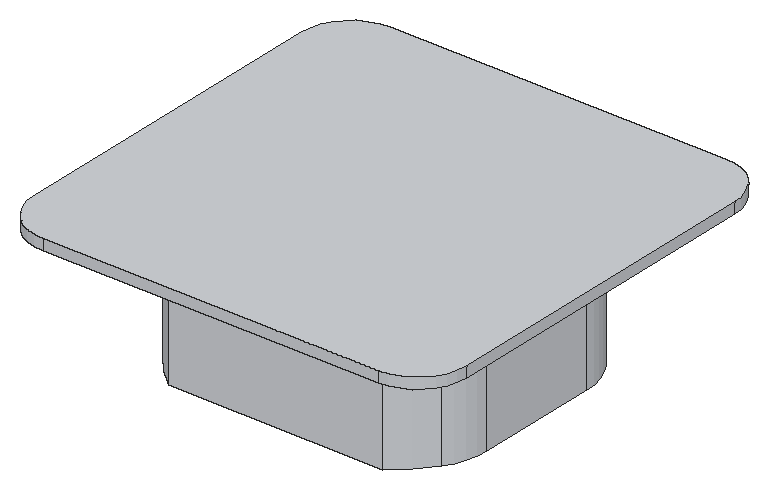
Revit family "Gira_082100", category Electrical Fixtures, host Face, Revit 2017
Family settings
  Host = Face
  Maintain Annotation Orientation = Yes
  Round Connector Dimension = Use Diameter
  Part Type = Normal
  Cut with Voids When Loaded = No
  Shared = No
  Room Calculation Point = No
Parameters (values of type "Treppenlichtautomat REG Elektronik")
  URL = "http://katalog.gira.de/de_DE/datenblatt.html?artikelnr=082100"
  Region = "DE"
  Name = "Treppenlichtautomat REG Elektronik"
  Manufacturer URL = "https://www.gira.de/"
  Keynote = "Einsatz_1fach"
  HeinzeBIM = "https://bimportal.heinze.de/bim/treppenlichtautomat-reg-elektronik/d39fed0a8965332f5ddf79740e7d916fb84c2a5a"
  HAN = "082100"
  GTIN = "4010337821007"
  Default Elevation = 1219.2 mm
  Data sheet (1) = "https://katalog.gira.de/de_DE/download.html?artikelnr=082100"
  Category = "Zubehör für Bewegungsmelder"
  Available = "Yes"
Reference planes
  plane 1 "Center (Front/Back)": y = 0
  plane 2: z = 0
  plane 3 "Center (Left/Right)": x = 0
Forms (mm)
  Extrusion 1, solid, detail levels fine
    sketch origin (0, 0, 0) x (1, 0, 0) y (0, 1, 0)
      loop
        line (27.475, 35.475) -> (-27.475, 35.475)
        arc (-27.475, 35.475) -> (-33.132, 33.132) -> (-35.475, 27.475) r 8
        line (-35.475, 27.475) -> (-35.475, -27.475)
        arc (-35.475, -27.475) -> (-33.132, -33.132) -> (-27.475, -35.475) r 8
        line (-27.475, -35.475) -> (27.475, -35.475)
        arc (27.475, -35.475) -> (33.132, -33.132) -> (35.475, -27.475) r 8
        line (35.475, -27.475) -> (35.475, 27.475)
        arc (35.475, 27.475) -> (33.132, 33.132) -> (27.475, 35.475) r 8
    from 0 to 1.8
  Extrusion 2, solid, detail levels fine
    sketch origin (0, 0, 0) x (1, 0, 0) y (0, 1, 0)
      loop
        line (9.678, 25.4) -> (-9.678, 25.4)
        arc (-9.678, 25.4) -> (-12.885, 24.922) -> (-15.814, 23.53) r 11
        arc (-15.814, 23.53) -> (-17.795, 22.07) -> (-19.641, 20.444) r 28.35
        arc (-19.641, 20.444) -> (-21.339, 18.665) -> (-22.876, 16.745) r 28.35
        arc (-22.876, 16.745) -> (-24.456, 13.666) -> (-25, 10.248) r 11
        line (-25, 10.248) -> (-25, -10.248)
        arc (-25, -10.248) -> (-24.456, -13.666) -> (-22.876, -16.745) r 11
        arc (-22.876, -16.745) -> (-20.409, -19.677) -> (-17.569, -22.25) r 28.35
        line (-17.569, -22.25) -> (17.569, -22.25)
        arc (17.569, -22.25) -> (20.409, -19.677) -> (22.876, -16.745) r 28.35
        arc (22.876, -16.745) -> (24.456, -13.666) -> (25, -10.248) r 11
        line (25, -10.248) -> (25, 10.248)
        arc (25, 10.248) -> (24.456, 13.666) -> (22.876, 16.745) r 11
        arc (22.876, 16.745) -> (21.593, 18.37) -> (20.195, 19.897) r 28.35
        arc (20.195, 19.897) -> (18.096, 21.823) -> (15.814, 23.53) r 28.35
        arc (15.814, 23.53) -> (12.885, 24.922) -> (9.678, 25.4) r 11
    from -22 to 0
  Extrusion 3, solid, detail levels medium
    sketch origin (0, 0, 0) x (1, 0, 0) y (0, 1, 0)
      loop
        line (-25, 25.4) -> (-25, -22.25) -> (25, -22.25) -> (25, 25.4) -> (-25, 25.4)
    from -22 to 0
  Extrusion 4, solid, detail levels coarse
    sketch origin (0, 0, 0) x (1, 0, 0) y (0, 1, 0)
      loop
        line (35.475, 35.475) -> (-35.475, 35.475) -> (-35.475, -35.475) -> (35.475, -35.475) -> (35.475, 35.475)
    from -22 to 1.8
  Extrusion 5, solid, detail levels medium
    sketch origin (0, 0, 0) x (1, 0, 0) y (0, 1, 0)
      loop
        line (35.475, 35.475) -> (-35.475, 35.475) -> (-35.475, -35.475) -> (35.475, -35.475) -> (35.475, 35.475)
    from 0 to 1.8
Dimensions and locks
  aligned and locked: plane 2 to host face
  aligned and locked: level to host face
  aligned and locked: plane 3 "Center (Left/Right)" to nested 1
  aligned and locked: plane 1 "Center (Front/Back)" to nested 1
Nested families
  nested 1: "RJ45-Datendose Beschriftung" at (0, 0, 0), type "RJ45-Datendose Beschriftung"
Connectors
  electrical at (0, 0, -22)
    settings: on Extrusion 4, index 1, voltage 220 V, apparent load 0 VA, apparent load phase1 0 VA, apparent load phase2 0 VA, apparent load phase3 0 VA, power factor 1, load classification "Other", number of poles 1, system type 30, power factor state 1, is connector primary yes, connector utility no, sub classification motor no, connector description ""
Definition of nested family "RJ45-Datendose Beschriftung"
  Reference planes
    plane 1: y = 0
    plane 2: x = 0
  Lines and regions (mm)
    Filled region 1, type "Gefüllter Bereich 1"
      outline origin (0, 0, 0) x (1, 0, 0) y (0, 1, 0)
        loop
          circle (0, 2.4) r 0.4
    detail lines
      curve 1: line (0, 0, 0) -> (0, 2, 0)
      curve 2: line (0, 2, 0) -> (1.2, 2, 0)
      curve 3: line (1.2, 2, 0) -> (1.2, 3.6, 0)
      curve 4: circle (0, 2.4, 0) r 0.4 normal (0, 0, 1)
      curve 5: line (0, 2, 0) -> (-1.2, 2, 0)
      curve 6: line (-1.2, 2, 0) -> (-1.2, 3.6, 0)
